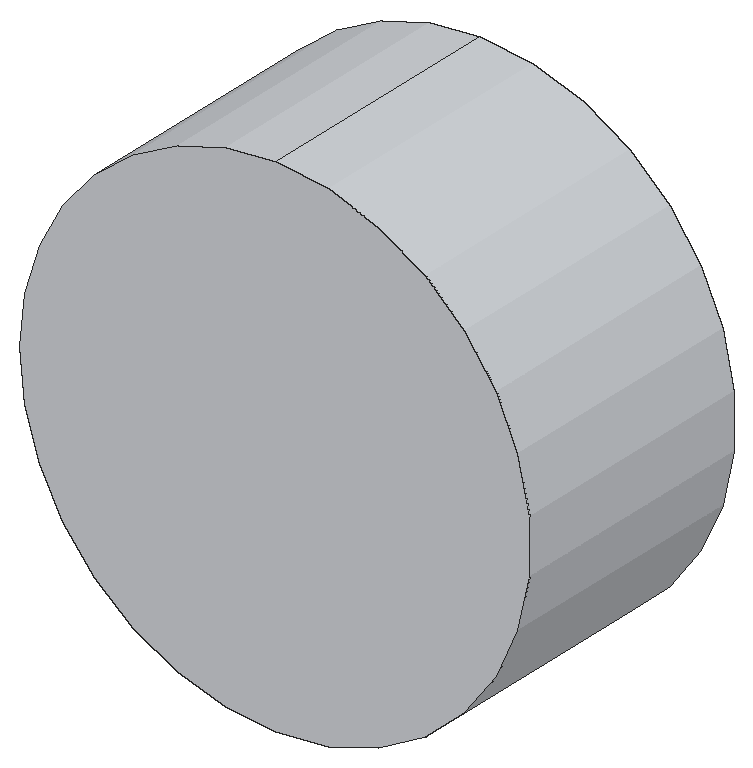
Revit family "09600800", category Generic Models, Revit 2024
Family settings
  Can host rebar = No
  Round Connector Dimension = Use Diameter
  Part Type = Normal
  Work Plane-Based = No
  Always vertical = Yes
  Cut with Voids When Loaded = No
  Maintain Annotation Orientation = No
  Shared = No
  Room Calculation Point = No
Parameters (values of type "Standard")
  URL = "https://www.rustfriebergh.no/produkter/varmeplater-2/varmeplate-rbvps"
  Part Number = "09600800"
  Model = "09600800"
  Manufacturer = "RUSTFRIEBERGH AS"
  Designer = "ErikO"
  Design State = 1
  Description = "Varmeplate RBVPS-2 GN"
  Default Elevation = 0 mm
  Creation Date = "25.06.2014"
  Author = "ErikO"
Reference planes
  plane 1 "Center (Front/Back)": y = 0
  plane 2: z = 0
  plane 3 "Center (Left/Right)": x = 0
Forms (mm)
  Extrusion 1, solid
    sketch origin (128.5, -148.5, 766.75) x (0, 0, -1) y (1, 0, 0)
      loop
        circle (0, 0) r 3.048
    from 0 to -3.048
Dimensions and locks
  aligned and locked: level to plane 2
Connectors
  electrical at (128.5, -148.5, 766.75)
    settings: on Extrusion 1, index 1, voltage 230 V, apparent load 800 VA, apparent load phase1 0 VA, apparent load phase2 0 VA, apparent load phase3 0 VA, power factor 0, load classification "Other", number of poles 1, system type 30, power factor state 1, is connector primary yes, connector utility no, sub classification motor no, connector description "Strømart"
